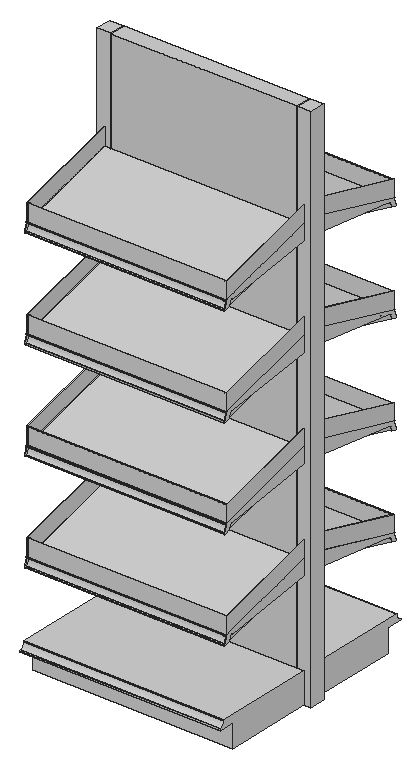
Revit family "ML5", category Specialty Equipment, Revit 2012 (continued)
Automatic sketch dimensions
  Extrusion 26 sketch curve to Extrusion 26 sketch curve = 0' - 1.68237"
  Extrusion 26 sketch curve to Extrusion 26 sketch curve = 0' - 2.68282"
  Extrusion 26 sketch curve to Extrusion 26 sketch curve = 0' - 2 31/32"  (x2)
  Extrusion 26 sketch curve to Extrusion 26 sketch curve = 0' - 0 1/32"
  Extrusion 26 sketch curve to Extrusion 26 sketch curve = 0' - 0.04102"
  Extrusion 26 sketch curve to Extrusion 26 sketch curve = 0' - 0.09188"
  Extrusion 26 sketch curve to Extrusion 26 sketch curve = 0' - 0.20046"
  Extrusion 26 sketch curve to Extrusion 26 sketch curve = 0' - 0.79782"
  Extrusion 26 sketch curve to plane 18 = 0' - 0 1/32"
  Extrusion 27 sketch curve to plane 21 = 0' - 0"  (x2)
  Extrusion 27 sketch curve to plane 4 = 0' - 0"  (x2)
  Extrusion 27 sketch curve to plane 18 = 0' - 0"
  plane 21 to Extrusion 27 sketch curve = 0' - 0.12074"
  Extrusion 27 sketch curve to Extrusion 27 sketch curve = 0' - 0.03235"  (x2)
  plane 11 to Extrusion 27 sketch curve = 0' - 0.12403"
  plane 11 to Extrusion 27 sketch curve = 0' - 0.05932"
  Extrusion 27 sketch curve to plane 11 = 0' - 1.22482"
  Extrusion 27 sketch curve to plane 21 = 0' - 0.37956"
  Extrusion 27 sketch curve to Extrusion 27 sketch curve = 0' - 0.0647"  (x2)
  Extrusion 27 sketch curve to plane 21 = 0' - 0.94224"
  Extrusion 27 sketch curve to Extrusion 27 sketch curve = 0' - 0.24148"
  Extrusion 27 sketch curve to Extrusion 27 sketch curve = 0' - 1.93185"
  plane 4 to Extrusion 27 sketch curve = 0' - 2.05259"
  Extrusion 27 sketch curve to plane 18 = 0' - 1.06763"
  Extrusion 27 sketch curve to plane 18 = 0' - 1.65007"
  Extrusion 27 sketch curve to Extrusion 27 sketch curve = 0' - 1.68237"
  Extrusion 27 sketch curve to Extrusion 27 sketch curve = 0' - 2.68282"
  Extrusion 27 sketch curve to Extrusion 27 sketch curve = 0' - 2 31/32"  (x2)
  Extrusion 27 sketch curve to Extrusion 27 sketch curve = 0' - 0 1/32"
  Extrusion 27 sketch curve to Extrusion 27 sketch curve = 0' - 0.04102"
  Extrusion 27 sketch curve to Extrusion 27 sketch curve = 0' - 0.09188"
  Extrusion 27 sketch curve to Extrusion 27 sketch curve = 0' - 0.20046"
  Extrusion 27 sketch curve to Extrusion 27 sketch curve = 0' - 0.79782"
  plane 18 to Extrusion 27 sketch curve = 0' - 0 1/32"
  Extrusion 28 sketch curve to plane 21 = 0' - 0"  (x2)
  Extrusion 28 sketch curve to plane 4 = 0' - 0"  (x2)
  plane 19 to Extrusion 28 sketch curve = 0' - 0"
  Extrusion 28 sketch curve to plane 21 = 0' - 0.12074"
  Extrusion 28 sketch curve to Extrusion 28 sketch curve = 0' - 0.03235"  (x2)
  Extrusion 28 sketch curve to plane 11 = 0' - 0.12403"
  Extrusion 28 sketch curve to plane 11 = 0' - 0.05932"
  plane 11 to Extrusion 28 sketch curve = 0' - 1.22482"
  plane 21 to Extrusion 28 sketch curve = 0' - 0.37956"
  Extrusion 28 sketch curve to Extrusion 28 sketch curve = 0' - 0.0647"  (x2)
  plane 21 to Extrusion 28 sketch curve = 0' - 0.94224"
  Extrusion 28 sketch curve to Extrusion 28 sketch curve = 0' - 0.24148"
  Extrusion 28 sketch curve to Extrusion 28 sketch curve = 0' - 1.93185"
  Extrusion 28 sketch curve to plane 4 = 0' - 2.05259"
  Extrusion 28 sketch curve to plane 19 = 0' - 1.06763"
  Extrusion 28 sketch curve to plane 19 = 0' - 1.65007"
  Extrusion 28 sketch curve to Extrusion 28 sketch curve = 0' - 1.68237"
  Extrusion 28 sketch curve to Extrusion 28 sketch curve = 0' - 2.68282"
  Extrusion 28 sketch curve to Extrusion 28 sketch curve = 0' - 2 31/32"  (x2)
  Extrusion 28 sketch curve to Extrusion 28 sketch curve = 0' - 0 1/32"
  Extrusion 28 sketch curve to Extrusion 28 sketch curve = 0' - 0.04102"
  Extrusion 28 sketch curve to Extrusion 28 sketch curve = 0' - 0.09188"
  Extrusion 28 sketch curve to Extrusion 28 sketch curve = 0' - 0.20046"
  Extrusion 28 sketch curve to Extrusion 28 sketch curve = 0' - 0.79782"
  plane 19 to Extrusion 28 sketch curve = 0' - 0 1/32"
  Extrusion 29 sketch curve to plane 21 = 0' - 0"  (x2)
  Extrusion 29 sketch curve to plane 4 = 0' - 0"  (x2)
  plane 19 to Extrusion 29 sketch curve = 0' - 0"
  plane 21 to Extrusion 29 sketch curve = 0' - 0.12074"
  Extrusion 29 sketch curve to Extrusion 29 sketch curve = 0' - 0.03235"  (x2)
  plane 11 to Extrusion 29 sketch curve = 0' - 0.12403"
  plane 11 to Extrusion 29 sketch curve = 0' - 0.05932"
  Extrusion 29 sketch curve to plane 11 = 0' - 1.22482"
  Extrusion 29 sketch curve to plane 21 = 0' - 0.37956"
  Extrusion 29 sketch curve to Extrusion 29 sketch curve = 0' - 0.0647"  (x2)
  Extrusion 29 sketch curve to plane 21 = 0' - 0.94224"
  Extrusion 29 sketch curve to Extrusion 29 sketch curve = 0' - 0.24148"
  Extrusion 29 sketch curve to Extrusion 29 sketch curve = 0' - 1.93185"
  plane 4 to Extrusion 29 sketch curve = 0' - 2.05259"
  plane 19 to Extrusion 29 sketch curve = 0' - 1.06763"
  plane 19 to Extrusion 29 sketch curve = 0' - 1.65007"
  Extrusion 29 sketch curve to Extrusion 29 sketch curve = 0' - 1.68237"
  Extrusion 29 sketch curve to Extrusion 29 sketch curve = 0' - 2.68282"
  Extrusion 29 sketch curve to Extrusion 29 sketch curve = 0' - 2 31/32"  (x2)
  Extrusion 29 sketch curve to Extrusion 29 sketch curve = 0' - 0 1/32"
  Extrusion 29 sketch curve to Extrusion 29 sketch curve = 0' - 0.04102"
  Extrusion 29 sketch curve to Extrusion 29 sketch curve = 0' - 0.09188"
  Extrusion 29 sketch curve to Extrusion 29 sketch curve = 0' - 0.20046"
  Extrusion 29 sketch curve to Extrusion 29 sketch curve = 0' - 0.79782"
  Extrusion 29 sketch curve to plane 19 = 0' - 0 1/32"
  radius of Extrusion 7 sketch curve = 0' - 0 1/8"  (x2)
  radius of Extrusion 8 sketch curve = 0' - 0 1/8"  (x2)
  radius of Extrusion 16 sketch curve = 0' - 0 1/8"  (x2)
  radius of Extrusion 17 sketch curve = 0' - 0 1/8"  (x2)
  radius of Extrusion 18 sketch curve = 0' - 0 1/8"  (x2)
  radius of Extrusion 19 sketch curve = 0' - 0 1/8"  (x2)
  radius of Extrusion 20 sketch curve = 0' - 0 1/8"  (x2)
  radius of Extrusion 21 sketch curve = 0' - 0 1/8"  (x2)
  radius of Extrusion 22 sketch curve = 0' - 0 1/8"  (x2)
  radius of Extrusion 23 sketch curve = 0' - 0 1/8"  (x2)
  radius of Extrusion 24 sketch curve = 0' - 0 1/8"  (x2)
  radius of Extrusion 25 sketch curve = 0' - 0 1/8"  (x2)
  radius of Extrusion 26 sketch curve = 0' - 0 1/8"  (x2)
  radius of Extrusion 27 sketch curve = 0' - 0 1/8"  (x2)
  radius of Extrusion 28 sketch curve = 0' - 0 1/8"  (x2)
  radius of Extrusion 29 sketch curve = 0' - 0 1/8"  (x2)
